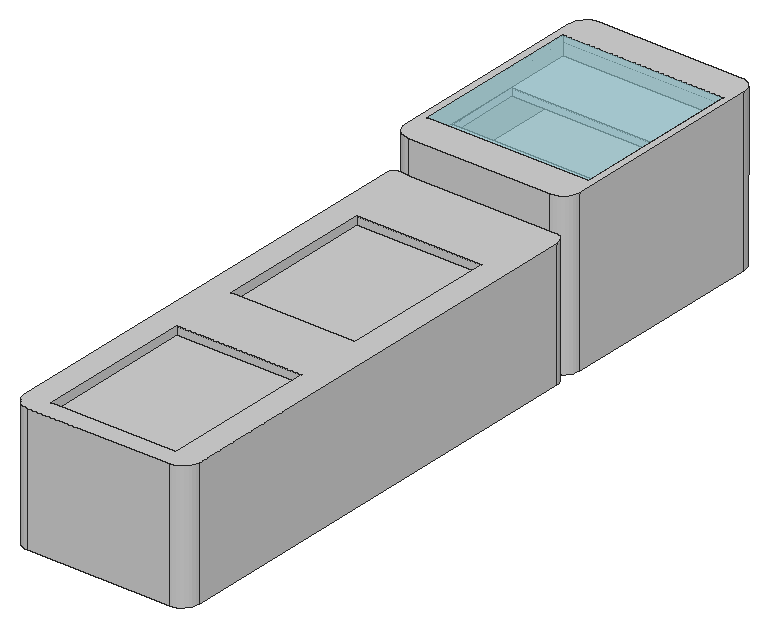
Revit family "Building-IEC309Boards-GEWISS-68QDIN-DISTRIBUTION-BOARD-5MOD_2SOCKET-OUTLETS", category Apparecchi elettrici, host Superficie, Revit 2019
Family settings
  Host = Superficie
  Mantenere orientamento annotazione = Sì
  Quota connettore circolare = Usa diametro
  Tipo di parte = Normale
  Taglio con vuoti quando caricato = No
  Condiviso = No
  Punto di calcolo locali = Sì
Parameters (values of type "GW68020N - Q-DIN 5M 2 FLANGES 16/32A IP65")
  visibilita posizionamento 2d [instance] = yes
  simbolo 2d [instance] = yes
  oggetto in pianta [instance] = not(visibilita posizionamento 2d)  # no
  distanza_simbolo [instance] = 0.1 mm
  bordo acceso [instance] = yes
  Visibilità sportello [instance] = yes
  Version type = "Empty"
  Version file RFA = "21.5"
  VETRO = Vetro
  URL = "https://www.gewiss.com/ww/en"
  Thermo-pressure with ball = "70 °C"
  Technical sheet = "https://www.gewiss.com/ww/en/search?q=GW68020N"
  Spostamento_effettivo_S [instance] = 4000 mm - Spostamento_S  # 3000 mm
  Spostamento_S = 1000 mm
  Simbolo_quadro [instance] = not(simbolo 2d)  # no
  Shock resistance = "IK08"
  STRUTTURA ALTA = Poche
  STRUTTURA = RAL - 7035
  SEO = "Board"
  Realized by GEWISS S.p.A. = ""
  Default Elevation = 1219.2 mm
  Produttore = "GEWISS S.p.A."
  PRESA = rosso
  POMELLO = bianco
  Operating temperature: = "-25 +40 °C"
  No. of provided blank lids = "1 IEC 16/32A"
  No. of modules EN 50022 = "5"
  N_moduli = 5 mm
  Modello = "GW68020N"
  L_moduli = N_moduli * 19  # 95 mm
  Insulation class = "II"
  Installation type = "Surface-mounting"
  Immagine tipo = GW68020N.jpg
  IP degree = "IP65"
  IDT = "5140f011-8991-4eb1-9962-5876152ff894"
  IDF = "6033185f-b6a3-49e4-a32a-d265767e866c"
  Houseable socket = "2 IEC 309 16/32A IP44/67"
  Glow Wire Test = "650°C"
  Electrocod = "2242"
  EAN code = "8011564747548"
  Dispersible power B (W) = "37"
  Dispersible power A (W) = "10"
  Descrizione = "Q-DIN 5M 2 FLANGES 16/32A IP65"
  Colour = "Grey RAL 7035"
  Catalogue Range = "68 QDIN"
  Catalogue = "BUILDING"
  COBie.Tagnumber = ""
  COBie.CreatedOn = ""
  COBie.CreatebBy = ""
  COBie.ComponentRegisterItemID = ""
  COBie.Component.TagNumber = ""
  COBie.Component.Space = ""
  COBie.Component.SerialNumber = ""
  COBie.Component.InstallationDate = ""
  COBie.Component.Description = ""
  COBie.Component.BarCode = ""
  Accordance with Standards = "EN 60208 - EN 60670-1 - IEC 60670-24"
Reference planes
  plane 1 "Centro (Fronte/Retro)": y = 0
  plane 2: z = 0
  plane 3 "Centro (Sinistra/Destra)": x = 0
  plane 4: x = -3000
  plane 5: x = 0
Forms (mm)
  Extrusion 1, solid, material "RAL - 7035" <- "STRUTTURA", detail levels coarse
    sketch origin (0, 0, 0) x (0, 1, 0) y (0, 0, 1)
      loop
        line (0, 96) -> (0, 0) -> (429, 0) -> (429, 96) -> (0, 96)
    from -52.5 to 52.5
Lines and regions (mm)
  Masking region 1, visible <- "visibilita posizionamento 2d"
    outline origin (0, 0, 0) x (1, 0, 0) y (0, 0, 1)
      loop
        line (-52.5, 0) -> (52.5, 0) -> (52.5, 96) -> (-52.5, 96) -> (-52.5, 0)
Dimensions and locks
  plane 4 to plane 3 "Centro (Sinistra/Destra)" = 3000 mm
  "Spostamento_effettivo_S": plane 4 to plane 5
  aligned and locked: plane 2 to host face
  aligned and locked: level to host face
  aligned and locked: nested 1 to plane 5
  aligned and locked: nested 3 to plane 5
  aligned and locked: Extrusion 1 sketch curve to nested 2
  aligned and locked: plane 1 "Centro (Fronte/Retro)" to nested 2
  aligned and locked: nested 2 to plane 5
  aligned and locked: Extrusion 1 to nested 2
Automatic sketch dimensions
  host sketch curve to host sketch curve = 2438.4 mm  (x2)
  Extrusion 1 sketch curve to level = 0 mm
  Extrusion 1 sketch curve to plane 1 "Centro (Fronte/Retro)" = 0 mm
  Extrusion 1 sketch curve to plane 1 "Centro (Fronte/Retro)" = 429 mm
  Masking region 1 sketch curve to level = 0 mm
  Masking region 1 sketch curve to plane 3 "Centro (Sinistra/Destra)" = 52.5 mm
  plane 3 "Centro (Sinistra/Destra)" to Masking region 1 sketch curve = 52.5 mm
  Masking region 1 sketch curve to Masking region 1 sketch curve = 96 mm
Nested families
  nested 1: "CENTRALINO" at (0, 737.795, 0), BORDO ACCESO <- "bordo acceso", SIMBOLO ACCESO <- "simbolo 2d", Distanza dal muro <- "distanza_simbolo", visible <- "simbolo 2d", type "CENTRALINO"
    with SIMBOLO ACCESO yes, Distanza dal muro 0.1 mm, BORDO ACCESO yes
  nested 2: "base_QDIN5 QUADRO  2 PRESE IND" at (0, 286, 0), type "base_QDIN5 QUADRO  2 PRESE IND", detail levels medium+fine
  nested 3: "simb_CENTRALINO_BASE_cad pro" at (0, 737.795, 0), Distanza dal muro <- "distanza_simbolo", visible <- "Simbolo_quadro", SIMBOLO ACCESO <- "Simbolo_quadro", type "simb_CENTRALINO_BASE_cad pro"
    with SIMBOLO ACCESO no, Distanza dal muro 0.1 mm, BORDO ACCESO yes
Definition of nested family "base_QDIN5 QUADRO  2 PRESE IND"
  Parameters (values of type "base_QDIN5 QUADRO  2 PRESE IND")
    n_moduli = 5 mm
    l_moduli = n_moduli * 19  # 95 mm
    h_moduli = 45 mm
    Vetro = none
    Struttura = none
    Spessore = 96 mm
    Default Elevation = 14 mm
    Presa = none
    Lunghezza = 105 mm
    Larghezza = 105 mm
    IFC.TypeObject = ""
    IFC.ExportType = ""
    IFC.ExportAs = ""
    COBie.CreatedOn = ""
    COBie.CreatebBy = ""
    COBie.ComponentRegisterItemID = ""
    COBie.Component.TagNumber = ""
    COBie.Component.Space = ""
    COBie.Component.SerialNumber = ""
    COBie.Component.InstallationDate = ""
    COBie.Component.Description = ""
    COBie.Component.BarCode = ""
    Altezza scatole = 350 mm  # constant formula
    Altezza quadro = 150 mm  # constant formula
    Altezza = 258 mm  # constant formula
  Reference planes
    plane 1 "Centro (Fronte/Retro)": y = 0
    plane 2: z = 0
    plane 3 "Centro (Sinistra/Destra)": x = 0
    plane 4: z = 62.089
    plane 5: z = 103.126
    plane 6: z = 76.196
    plane 7: x = -52.5
    plane 8: x = 52.5
    plane 9: x = -48.5
    plane 10: x = 48.5
    plane 11: y = 123.21
    plane 12: y = 21.246
    plane 13: y = 0
    plane 14: y = -180.323
    plane 15: y = -275.323
    plane 16: y = -140.34
    plane 17: y = -45.34
    plane 18: y = -286
    plane 19: y = 143
    plane 20: z = 71.196
    plane 21: y = 84
    plane 22: y = 39
    plane 23: x = -47.5
    plane 24: x = 47.5
    plane 25: z = 92.059
    plane 26: z = 96
    plane 27 "posizionamento moduli": z = 84.734
    plane 28: z = 80.558
    plane 29: y = 61.5
  Forms (mm)
    Extrusion 1, solid, material <- "Struttura"
      sketch origin (0, -857.311, 0) x (1, 0, 0) y (0, 1, 0)
        loop
          arc (-42.5, 1000.311) -> (-49.571, 997.382) -> (-52.5, 990.311) r 10
          line (-52.5, 990.311) -> (-52.5, 867.311)
          arc (-52.5, 867.311) -> (-49.571, 860.24) -> (-42.5, 857.311) r 10
          line (-42.5, 857.311) -> (42.5, 857.311)
          arc (42.5, 857.311) -> (49.571, 860.24) -> (52.5, 867.311) r 10
          line (52.5, 867.311) -> (52.5, 990.311)
          arc (52.5, 990.311) -> (49.571, 997.382) -> (42.5, 1000.311) r 10
          line (42.5, 1000.311) -> (-42.5, 1000.311)
      from 0 to 96
    Extrusion 2, solid, material <- "Struttura"
      sketch origin (0, -857.311, 0) x (1, 0, 0) y (0, 1, 0)
        loop
          line (44.95, 857.311) -> (-48.88, 857.311)
          arc (-48.88, 857.311) -> (-51.44, 856.251) -> (-52.5, 853.691) r 3.62
          line (-52.5, 853.691) -> (-52.5, 581.311)
          arc (-52.5, 581.311) -> (-49.571, 574.24) -> (-42.5, 571.311) r 10
          line (-42.5, 571.311) -> (42.5, 571.311)
          arc (42.5, 571.311) -> (49.571, 574.24) -> (52.5, 581.311) r 10
          line (52.5, 581.311) -> (52.5, 849.76)
          arc (52.5, 849.76) -> (50.289, 855.099) -> (44.95, 857.311) r 7.55
      from 0 to 76.196
    Extrusion 3, void
      sketch origin (0, -857.311, 0) x (1, 0, 0) y (0, 1, 0)
        loop
          line (-48.5, 980.52) -> (-48.5, 878.557) -> (48.5, 878.557) -> (48.5, 980.52) -> (-48.5, 980.52)
      from 62.089 to 96
    Extrusion 4, solid, material <- "Vetro", detail levels fine
      sketch origin (0, -857.311, 0) x (1, 0, 0) y (0, 1, 0)
        loop
          line (-48.5, 980.52) -> (-48.5, 878.557) -> (48.5, 878.557) -> (48.5, 980.52) -> (-48.5, 980.52)
      from 92.059 to 96
    Extrusion 5, void
      sketch origin (0, -857.311, 0) x (1, 0, 0) y (0, 1, 0)
        loop
          line (-37.506, 811.971) -> (-37.506, 716.971) -> (37.506, 716.971) -> (37.506, 811.971) -> (-37.506, 811.971)
      from 71.196 to 76.196
    Extrusion 6, void
      sketch origin (0, -992.311, 0) x (1, 0, 0) y (0, 1, 0)
        loop
          line (-37.506, 811.987) -> (-37.506, 716.987) -> (37.506, 716.987) -> (37.506, 811.987) -> (-37.506, 811.987)
      from 71.196 to 76.196
    Extrusion 7, void
      sketch origin (0, 0, 0) x (1, 0, 0) y (0, 1, 0)
        loop
          line (-47.5, 39) -> (47.5, 39) -> (47.5, 84) -> (-47.5, 84) -> (-47.5, 39)
      from 80.558 to 84.734
    Extrusion 8, solid
      sketch origin (0, 0, 0) x (1, 0, 0) y (0, 1, 0)
        loop
          line (-48.5, 123.21) -> (-48.5, 21.246) -> (48.5, 21.246) -> (48.5, 123.21) -> (-48.5, 123.21)
      from 80.558 to 84.734
  Cuts and joins
    Extrusion 3 cuts Extrusion 1
    Extrusion 5, Extrusion 6 cuts Extrusion 2
    Extrusion 7 cuts Extrusion 8
    Extrusion 7 cuts Extrusion 4
  Lines and regions (mm)
    model lines
      curve 1: line (-47.5, 61.5, 84.734) -> (47.5, 61.5, 84.734)
  Dimensions and locks
    locked: plane 4 to plane 5 at 41.036
    locked: plane 7 to plane 9 at 4
    locked: plane 10 to plane 8 at 4
    equal spacing: plane 7, plane 3 "Centro (Sinistra/Destra)", plane 8
    "Larghezza": plane 7 to plane 8
    locked: plane 13 to plane 17 at 45.34
    locked: plane 16 to plane 14 at 39.983
    locked: plane 17 to plane 16 at 95
    plane 14 to plane 15 = 95 mm
    plane 1 "Centro (Fronte/Retro)" to plane 19 = 143 mm
    plane 18 to plane 13 = 286 mm
    plane 12 to plane 1 "Centro (Fronte/Retro)" = 21.246 mm
    plane 11 to plane 19 = 19.79 mm
    locked: plane 6 to plane 20 at 5
    locked: plane 19 to plane 21 at 59
    "h_moduli": plane 21 to plane 22
    equal spacing: plane 23, plane 3 "Centro (Sinistra/Destra)", plane 24
    "l_moduli": plane 23 to plane 24
    locked: plane 26 to plane 25 at 3.941
    plane 6 to plane 2 = 76.196 mm
    locked: plane 25 to plane 27 "posizionamento moduli" at 7.325
    locked: plane 27 "posizionamento moduli" to plane 28 at 4.176
    equal spacing: plane 21, plane 29, plane 22
    radius of Extrusion 2 sketch curve = 10 mm  (x2)
    radius of Extrusion 2 sketch curve = 3.62 mm
    radius of Extrusion 2 sketch curve = 7.55 mm
    radius of Extrusion 1 sketch curve = 10 mm  (x4)
    aligned and locked: level to plane 2
    aligned and locked: cut or joined group of Extrusion 1, Extrusion 3 to plane 4  (x2)
    aligned and locked: Extrusion 2 to plane 6
    aligned and locked: plane 7 to Extrusion 2 sketch curve
    aligned and locked: plane 8 to Extrusion 2 sketch curve
    aligned and locked: plane 8 to Extrusion 1 sketch curve
    aligned and locked: plane 7 to Extrusion 1 sketch curve
    aligned and locked: Extrusion 4 sketch curve to plane 9
    aligned and locked: Extrusion 4 sketch curve to plane 10
    aligned and locked: Extrusion 3 sketch curve to plane 9
    aligned and locked: Extrusion 3 sketch curve to plane 10
    aligned and locked: Extrusion 4 sketch curve to plane 11
    aligned and locked: plane 12 to Extrusion 4 sketch curve
    aligned and locked: Extrusion 3 sketch curve to plane 11
    aligned and locked: plane 12 to Extrusion 3 sketch curve
    aligned and locked: plane 13 to Extrusion 1 sketch curve
    aligned and locked: Extrusion 2 sketch curve to plane 13
    aligned and locked: plane 18 to Extrusion 2 sketch curve
    aligned and locked: Extrusion 5 to plane 16
    aligned and locked: plane 17 to Extrusion 5
    aligned and locked: plane 14 to Extrusion 6
    aligned and locked: plane 1 "Centro (Fronte/Retro)" to plane 13
    aligned and locked: plane 19 to Extrusion 1 sketch curve
    aligned and locked: Extrusion 6 to plane 15
    aligned and locked: Extrusion 6 to plane 20
    aligned and locked: Extrusion 6 to plane 6
    aligned and locked: Extrusion 5 to plane 20
    aligned and locked: Extrusion 5 to plane 6
    aligned and locked: Extrusion 7 sketch curve to plane 23
    aligned and locked: Extrusion 7 sketch curve to plane 21
    aligned and locked: Extrusion 7 sketch curve to plane 22
    aligned and locked: Extrusion 7 sketch curve to plane 24
    aligned and locked: plane 26 to cut or joined group of Extrusion 1, Extrusion 3
    aligned and locked: plane 27 "posizionamento moduli" to Extrusion 7
    aligned and locked: Extrusion 7 to plane 28
    aligned and locked: Extrusion 8 sketch curve to plane 11
    aligned and locked: Extrusion 8 sketch curve to plane 12
    aligned and locked: Extrusion 8 to plane 28
    aligned and locked: plane 27 "posizionamento moduli" to Extrusion 8
    aligned and locked: Extrusion 8 sketch curve to Extrusion 4  (x2)
    aligned and locked: plane 29 to curve 1
  Automatic sketch dimensions
    Extrusion 5 sketch curve to plane 9 = 10.994 mm
    plane 10 to Extrusion 5 sketch curve = 10.994 mm
    plane 1 "Centro (Fronte/Retro)" to Extrusion 5 sketch curve = 140.34 mm
    plane 1 "Centro (Fronte/Retro)" to Extrusion 5 sketch curve = 45.34 mm
    Extrusion 6 sketch curve to plane 9 = 10.994 mm
    plane 10 to Extrusion 6 sketch curve = 10.994 mm
    plane 1 "Centro (Fronte/Retro)" to Extrusion 6 sketch curve = 275.323 mm
    Extrusion 6 sketch curve to Extrusion 6 sketch curve = 95 mm
    curve 1 to plane 24 = 0 mm
    curve 1 to plane 23 = 0 mm
Definition of nested family "CENTRALINO"
  Parameters (values of type "CENTRALINO")
    SIMBOLO ACCESO [instance] = yes
    Distanza dal muro [instance] = 0 mm
    BORDO ACCESO [instance] = yes
  Reference planes
    plane 1: y = 0
    plane 2: x = 0
  Dimensions and locks
    "Distanza dal muro": plane 1 to nested 1
    aligned and locked: plane 2 to nested 1
  Nested families
    nested 1: "CENTRALINO_BASE" at (0, 0, 0), BORDO ACCESO <- "BORDO ACCESO", visible <- "SIMBOLO ACCESO", type "CENTRALINO"
      with BORDO ACCESO yes
  Definition of nested family "CENTRALINO_BASE"
    Parameters (values of type "CENTRALINO")
      Distanza dal muro = 0 mm
      BORDO ACCESO [instance] = yes
    Reference planes
      plane 1: y = 0
      plane 2: x = 0
    Lines and regions (mm)
      detail lines, visible <- "BORDO ACCESO", not visible
        curve 1: line (-2.443, 10.208, 0) -> (2.057, 10.208, 0)
        curve 2: line (2.057, 10.208, 0) -> (2.057, 4.208, 0)
        curve 3: line (2.057, 4.208, 0) -> (-2.443, 4.208, 0)
        curve 4: line (-2.443, 4.208, 0) -> (-2.443, 10.208, 0)
        curve 5: line (-2.043, 9.808, 0) -> (1.657, 9.808, 0)
        curve 6: line (1.657, 9.808, 0) -> (1.657, 4.608, 0)
        curve 7: line (1.657, 4.608, 0) -> (-2.043, 4.608, 0)
        curve 8: line (-2.043, 4.608, 0) -> (-2.043, 9.808, 0)
      detail lines
        curve 9: line (0, 0.671, 0) -> (0, 0, 0)
        curve 10: line (0.659, 0.671, 0) -> (0.659, 1.33, 0)
        curve 11: line (0.659, 1.33, 0) -> (-0.659, 1.33, 0)
        curve 12: line (-0.659, 1.33, 0) -> (-0.659, 0.671, 0)
        curve 13: line (-0.659, 0.671, 0) -> (0.659, 0.671, 0)
        curve 14: line (0.497, 1.33, 0) -> (0.497, 2, 0)
        curve 15: line (0.167, 1.33, 0) -> (0.167, 2, 0)
        curve 16: line (-0.162, 1.33, 0) -> (-0.162, 2, 0)
        curve 17: line (-0.491, 1.33, 0) -> (-0.491, 2, 0)
Definition of nested family "simb_CENTRALINO_BASE_cad pro"
  Parameters (values of type "simb_CENTRALINO_BASE_cad pro")
    SIMBOLO ACCESO [instance] = yes
    Distanza dal muro [instance] = 0 mm
    BORDO ACCESO [instance] = yes
  Reference planes
    plane 1: y = 0
    plane 2: x = 0
  Dimensions and locks
    "Distanza dal muro": plane 1 to nested 1
    aligned and locked: plane 2 to nested 1
  Nested families
    nested 1: "CENTRALINO_BASE_cad pro" at (0, 0, 0), type "CENTRALINO"
  Definition of nested family "CENTRALINO_BASE_cad pro"
    Parameters (values of type "CENTRALINO")
      Distanza dal muro = 0 mm
    Reference planes
      plane 1: y = 0
      plane 2: x = 0
    Lines and regions (mm)
      detail lines
        curve 1: line (1.33, 1.33, 0) -> (2.109, 1.33, 0)
        curve 2: line (2.109, 1.33, 0) -> (2.109, 0, 0)
        curve 3: line (2.109, 0, 0) -> (1.33, 0, 0)
        curve 4: line (1.33, 0, 0) -> (-1.33, 1.33, 0)
        curve 5: line (-1.33, 1.33, 0) -> (1.33, 1.33, 0)
        curve 6: line (1.33, 1.33, 0) -> (1.33, 0, 0)
        curve 7: line (1.33, 0, 0) -> (-1.33, 0, 0)
        curve 8: line (-1.33, 0, 0) -> (-1.33, 1.33, 0)
        curve 9: line (1.461, 0.665, 0) -> (1.977, 0.665, 0)
        curve 10: line (1.719, 0.665, 0) -> (1.719, 1.01, 0)
        curve 11: arc (1.977, 0.406, 0) -> (1.719, 0.665, 0) -> (1.461, 0.406, 0) r 0.258
